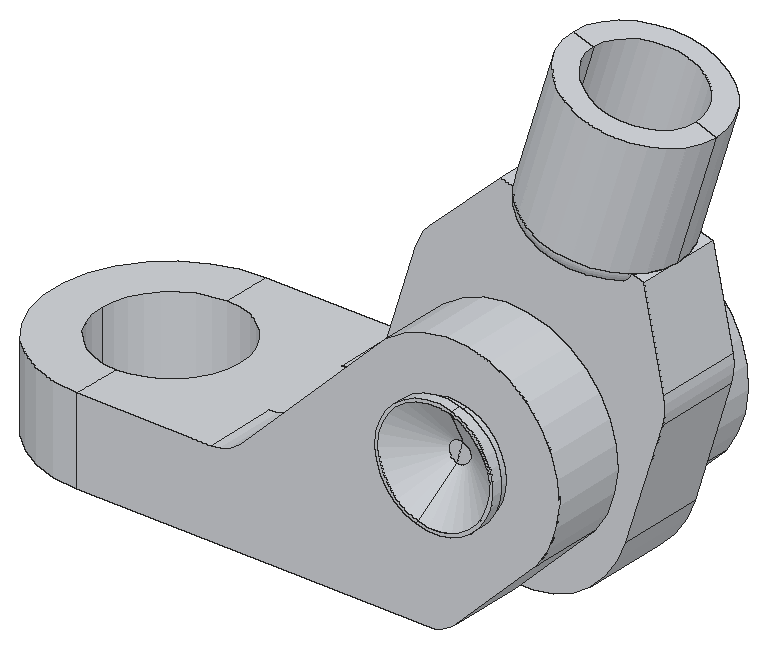
Revit family "Spanngelenk M10", category HLS-Bauteile, Revit 2017
Family settings
  Bemaßung runder Anschluss = Durchmesser verwenden
  Teiletyp = Normal
  Arbeitsebenenbasiert = Ja
  Immer vertikal = Nein
  Beim Laden mit Abzugskörper schneiden = Nein
  Gemeinsam genutzt = Nein
  Raumberechnungspunkt = Nein
Parameters (values of type "Spanngelenk M10")
  Default Elevation = 1219.2 mm
  Regelhalter [instance] = ""
  Artikelnummer = "08120750"
Reference planes
  plane 1 "Mitte (Vorne/hinten)": y = 0
  plane 2: z = 0
  plane 3 "Mitte (Links/rechts)": x = 0
Dimensions and locks
  aligned and locked: level to plane 2
  aligned and locked: nested 2 to nested 1
  aligned and locked: nested 3 to nested 1
Nested families
  nested 1: "Spanngelenk M10 Gabel" at (0, 0, 0), type "Spanngelenk M10 Gabel"
  nested 2: "Spanngelenk M10 Öse" at (27.191, 0, 44.465) x (0.9553, 0, -0.2957) z (-0.2957, 0, -0.9553), type "Spanngelenk M10 Öse (08120750)"
  nested 3: "Spanngelenk M10 Bolzen" at (17.577, 12.4, 14.601) x (0.2957, 0, 0.9553) z (0, -1, 0), type "Spanngelenk M10 Bolzen"
Definition of nested family "Spanngelenk M10 Gabel"
  Parameters (values of type "Spanngelenk M10 Gabel")
    Default Elevation = 1219.2 mm
    Regelhalter [instance] = ""
  Reference planes
    plane 1 "Mitte (Vorne/hinten)": y = 0
    plane 2: z = 0
    plane 3 "Mitte (Links/rechts)": x = 0
  Forms (mm)
    Extrusion 1, solid
      sketch origin (0, 0, 0) x (1, 0, 0) y (0, 1, 0)
        loop
          line (-1219.2, 1219.2) -> (-1219.2, -1219.2) -> (1219.2, -1219.2) -> (1219.2, 1219.2) -> (-1219.2, 1219.2)
      from 0 to -304.8
    Extrusion 2, solid
      sketch origin (0, 25.193, 0) x (1, 0, 0) y (0, 1, 0)
        loop
          line (-17, -36.193) -> (28, -36.193) -> (28, -29.443) -> (3, -29.443) -> (3, -20.943) -> (28, -20.943) -> (28, -14.193) -> (-17, -14.193)
          arc (-17, -14.193) -> (-28, -25.193) -> (-17, -36.193) r 11
        loop
          circle (-17, -25.193) r 6.5
      from 0 to 24.8
    Extrusion 3, void
      sketch origin (0, 0, 0) x (1, 0, 0) y (0, 0, 1)
        loop
          line (-17, 8) -> (-4.467, 8)
          arc (-4.467, 8) -> (-2.937, 8.304) -> (-1.639, 9.172) r 4
          line (-1.639, 9.172) -> (11.826, 22.637)
          arc (11.826, 22.637) -> (25.071, 21.841) -> (25.867, 8.596) r 10
          line (25.867, 8.596) -> (18.442, 1.172)
          arc (18.442, 1.172) -> (17.144, 0.304) -> (15.614, 0) r 4
          line (15.614, 0) -> (3, 0) -> (3, -1.675) -> (31.596, -1.675) -> (31.596, 25.739) -> (-30.336, 25.739) -> (-30.336, 8) -> (-17, 8)
        loop
          circle (18, 14.77) r 5.1
      from -20 to 20
    Extrusion 4, void
      sketch origin (0, 0, 0) x (0, 1, 0) y (0, 0, 1)
        loop
          line (4.25, 8) -> (4.25, 28) -> (-4.25, 28) -> (-4.25, 8) -> (4.25, 8)
      from -15 to 30
  Cuts and joins
    Extrusion 3, Extrusion 4 cuts Extrusion 2
  Lines and regions (mm)
    model lines
      curve 1: line (11.661, 0, 14.77) -> (24.015, 0, 14.77)
      curve 2: line (18, 0, 21.88) -> (18, 0, 8)
  Dimensions and locks
    aligned and locked: plane 2 to Extrusion 1
    aligned and locked: level to Extrusion 1
    aligned and locked: cut or joined group of Extrusion 2, Extrusion 3, Extrusion 4 to Extrusion 4 sketch curve
Definition of nested family "Spanngelenk M10 Öse"
  Parameters (values of type "Spanngelenk M10 Öse (08120750)")
    Default Elevation = 1219.2 mm
    S = 8 mm  # constant formula
    Regelhalter [instance] = ""
    M = 10 mm
    L1 = 13 mm  # constant formula
    L = 44 mm  # constant formula
    D = 9 mm  # constant formula
    B = 24 mm  # constant formula
  Reference planes
    plane 1 "Mitte (Vorne/hinten)": y = 0
    plane 2: z = 0
    plane 3 "Mitte (Links/rechts)": x = 0
    plane 4: z = 18
    plane 5: x = 2
    plane 6: z = 12.25
    plane 7: z = 44
    plane 8: x = 12
    plane 9: x = -2
    plane 10: x = -12
    plane 11: y = 4
    plane 12: y = -4
    plane 13: z = 23.537
    plane 14: z = 31
  Forms (mm)
    Revolve 1, solid
      sketch origin (0, 0, 0) x (1, 0, 0) y (0, 0, 1)
        loop
          line (3, 0) -> (7.006, 0) -> (7.006, 12.261)
          arc (7.006, 12.261) -> (6.75, 13.1) -> (6.068, 13.651) r 1.5
          line (6.068, 13.651) -> (3.903, 14.526)
          arc (3.903, 14.526) -> (3.319, 14.948) -> (3, 15.594) r 1.5
          line (3, 15.594) -> (3, 0)
        axis (0, 15.594) -> (0, 0)
      angle from 0 to 360
    Extrusion 2, solid
      sketch origin (0, 0, 0) x (1, 0, 0) y (0, 0, 1)
        loop
          line (2, 44) -> (-2, 44)
          arc (-2, 44) -> (-9.071, 41.071) -> (-12, 34) r 10
          line (-12, 34) -> (-12, 22.634)
          arc (-12, 22.634) -> (-11.842, 21.386) -> (-11.378, 20.218) r 5
          line (-11.378, 20.218) -> (-6.981, 12.25) -> (6.995, 12.25) -> (11.363, 20.052)
          arc (11.363, 20.052) -> (11.838, 21.232) -> (12, 22.494) r 5
          line (12, 22.494) -> (12, 34)
          arc (12, 34) -> (9.071, 41.071) -> (2, 44) r 10
      from -4 to 4
    Extrusion 3, void
      sketch origin (0, 0, 0) x (1, 0, 0) y (0, 1, 0)
        loop
          circle (0, 0) r 5
      from 0 to 10
    Extrusion 4, void
      sketch origin (0, 0, 0) x (1, 0, 0) y (0, 0, 1)
        loop
          circle (0, 31) r 5.1
      from -4 to 10
  Cuts and joins
    Extrusion 3 cuts Revolve 1
    Extrusion 3, Extrusion 4 cuts Extrusion 2
  Lines and regions (mm)
    model lines, not visible
      curve 1: line (0, 0, 15.64) -> (0, 0, -24.36)
      curve 2: line (9.933, 0, 31) -> (-10.426, 0, 31)
      curve 3: line (0, 0, 39.58) -> (0, 0, 21.335)
      curve 4: line (0, 14.419, 31) -> (0, -15.395, 31)
  Dimensions and locks
    "L1": plane 14 to plane 7
    "L": level to plane 7
    "B": plane 10 to plane 8
    equal spacing: plane 10, plane 3 "Mitte (Links/rechts)", plane 8
    equal spacing: plane 11, plane 1 "Mitte (Vorne/hinten)", plane 12
    "S": plane 11 to plane 12
    "M": diameter of Extrusion 3 sketch curve
    aligned and locked: level to plane 2
    aligned and locked: cut or joined group of Extrusion 2, Extrusion 3, Extrusion 4 to plane 8
    aligned and locked: cut or joined group of Extrusion 2, Extrusion 3, Extrusion 4 to plane 10
    aligned and locked: plane 7 to cut or joined group of Extrusion 2, Extrusion 3, Extrusion 4
    aligned and locked: level to cut or joined group of Revolve 1, Extrusion 3
    aligned and locked: plane 3 "Mitte (Links/rechts)" to curve 1
    aligned and locked: curve 2 to plane 14
    aligned and locked: plane 3 "Mitte (Links/rechts)" to curve 3
    aligned and locked: curve 4 to plane 14
  Automatic sketch dimensions
    curve 1 to level = 24.36 mm
    plane 10 to curve 2 = 1.574 mm
    plane 8 to curve 2 = 2.067 mm
    plane 4 to curve 3 = 3.335 mm
    curve 1 to plane 4 = 2.36 mm
    curve 3 to plane 7 = 4.42 mm
    curve 4 to plane 12 = 11.395 mm
    curve 4 to plane 11 = 10.419 mm
    Extrusion 4 sketch curve to plane 3 "Mitte (Links/rechts)" = 0 mm
    Extrusion 4 sketch curve to plane 14 = 0 mm
    Extrusion 2 sketch curve to plane 10 = 0 mm
    Extrusion 2 sketch curve to plane 6 = 0 mm
    Extrusion 2 sketch curve to plane 7 = 0 mm
    Extrusion 2 sketch curve to plane 9 = 0 mm
    Extrusion 2 sketch curve to plane 5 = 0 mm
    plane 8 to Extrusion 2 sketch curve = 0 mm
    plane 10 to Extrusion 2 sketch curve = 0.622 mm
    Extrusion 2 sketch curve to plane 13 = 0.903 mm
    Extrusion 2 sketch curve to plane 9 = 5 mm
    Extrusion 2 sketch curve to plane 9 = 4.981 mm
    Extrusion 2 sketch curve to plane 5 = 4.995 mm
    Extrusion 2 sketch curve to plane 13 = 1.042 mm
    Extrusion 2 sketch curve to plane 5 = 5 mm
    plane 8 to Extrusion 2 sketch curve = 0.637 mm
    Revolve 1 sketch curve to level = 0 mm  (x2)
    Revolve 1 sketch curve to plane 3 "Mitte (Links/rechts)" = 0 mm
    Revolve 1 sketch curve to plane 4 = 2.083 mm
    Revolve 1 sketch curve to Revolve 1 sketch curve = 0.562 mm
    plane 6 to Revolve 1 sketch curve = 0.011 mm
    Revolve 1 sketch curve to plane 5 = 3.506 mm
    plane 8 to Revolve 1 sketch curve = 4.994 mm
    Revolve 1 sketch curve to plane 4 = 1.311 mm
    plane 6 to Revolve 1 sketch curve = 1.401 mm
    Revolve 1 sketch curve to plane 5 = 1 mm
    Revolve 1 sketch curve to Revolve 1 sketch curve = 0.875 mm
    Revolve 1 sketch curve to Revolve 1 sketch curve = 0.903 mm
    plane 1 "Mitte (Vorne/hinten)" to Extrusion 3 sketch curve = 0 mm
    Extrusion 3 sketch curve to plane 3 "Mitte (Links/rechts)" = 0 mm
    radius of Extrusion 4 sketch curve = 5.1 mm
Definition of nested family "Spanngelenk M10 Bolzen"
  Parameters (values of type "Spanngelenk M10 Bolzen")
    Default Elevation = 1219.2 mm
    Regelhalter [instance] = ""
    Länge = 25 mm
    D = 11 mm
    Artikelnummer = ""
  Reference planes
    plane 1 "Mitte (Vorne/hinten)": y = 0
    plane 2: z = 0
    plane 3 "Mitte (Links/rechts)": x = 0
    plane 4: z = 25
  Forms (mm)
    Revolve 1, solid
      sketch origin (0, 0, 0) x (1, 0, 0) y (0, 0, 1)
        loop
          line (0, 0) -> (5.5, 0) -> (5.5, 25) -> (0, 25) -> (0, 0)
        axis (0, 25) -> (0, 0)
      angle from 0 to 360
    Revolve 2, void
      sketch origin (0, 0, 0) x (1, 0, 0) y (0, 0, 1)
        loop
          line (5, 24) -> (5, 1.4) -> (6.412, 1.4) -> (6.412, 24) -> (5, 24)
        axis (0, 24) -> (0, 1.4)
      angle from 0 to 360
    Revolve 3, void
      sketch origin (0, 0, 0) x (1, 0, 0) y (0, 0, 1)
        loop
          line (0, 25) -> (0, 22) -> (1.014, 22) -> (5.196, 25) -> (0, 25)
        axis (0, 25) -> (0, 22)
      angle from 0 to 360
  Cuts and joins
    Revolve 2, Revolve 3 cuts Revolve 1
  Dimensions and locks
    "Länge": level to plane 4
    aligned and locked: level to plane 2
  Automatic sketch dimensions
    Revolve 1 sketch curve to level = 0 mm
    Revolve 1 sketch curve to plane 3 "Mitte (Links/rechts)" = 0 mm  (x2)
    Revolve 1 sketch curve to plane 4 = 0 mm
    Revolve 1 sketch curve to Revolve 1 sketch curve = 5.5 mm
    Revolve 1 sketch curve to level = 2.699 mm
    plane 4 to Revolve 1 sketch curve = 2.301 mm
    Revolve 2 sketch curve to plane 3 "Mitte (Links/rechts)" = 0 mm
    level to Revolve 2 sketch curve = 1.4 mm
    plane 3 "Mitte (Links/rechts)" to Revolve 2 sketch curve = 5 mm
    Revolve 2 sketch curve to Revolve 2 sketch curve = 1.412 mm
    Revolve 2 sketch curve to plane 4 = 1 mm
    Revolve 2 sketch curve to level = 3.585 mm
    plane 4 to Revolve 2 sketch curve = 1.055 mm
    Revolve 3 sketch curve to plane 3 "Mitte (Links/rechts)" = 0 mm  (x2)
    Revolve 3 sketch curve to plane 4 = 0 mm
    plane 3 "Mitte (Links/rechts)" to Revolve 3 sketch curve = 5.196 mm
    Revolve 3 sketch curve to Revolve 3 sketch curve = 3 mm
    plane 3 "Mitte (Links/rechts)" to Revolve 3 sketch curve = 1.014 mm
    Revolve 3 sketch curve to Revolve 3 sketch curve = 0.432 mm
    plane 4 to Revolve 3 sketch curve = 0.593 mm
